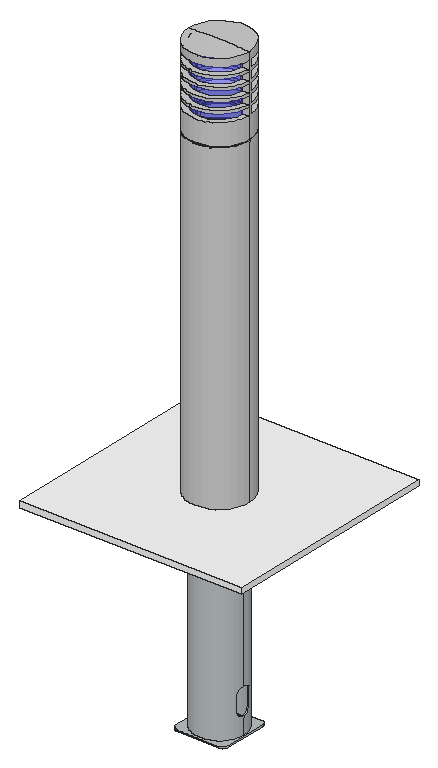
Revit family "BE_84322_de_DE", category Leuchten, Revit 2020
Family settings
  Basisbauteil = Fläche
  Bemaßung runder Anschluss = Durchmesser verwenden
  Teiletyp = Normal
  Beim Laden mit Abzugskörper schneiden = Ja
  Lichtquelle = Ja
  Gemeinsam genutzt = Nein
  Raumberechnungspunkt = Ja
Parameters (values of type "BEGA_84322_Silber_K4")
  built-in parameter 1150104 = 18.343 (stored number, unit not read)
  Wattage = 3.9 W
  Default Elevation = 0 mm
  built-in parameter 1150113 = 1 (stored number, unit not read)
  built-in parameter 1114218 = 1 (stored number, unit not read)
  Umgebungstemperatur = "25 °C"
  URL = "https://www.bega.com/de/produkt/84322"
  Typenkommentare = "© 2022 BEGA. Wir behalten uns das Recht vor, technische Änderungen ohne vorherige Ankündigung vorzunehmen."  # constant formula
  Type Image = 84322.png
  built-in parameter 1150134 = 12
  built-in parameter 1150109 = 1 (stored number, unit not read)
  Strom = ""
  built-in parameter 1150110 = 1 (stored number, unit not read)
  Spannung = 239.996 V
  Sonderanfertigung = no
  Seriennummer [instance] = "Hier können Sie die eindeutige Seriennummer für das Facility Management eintragen."
  Schutzklasse = "I"
  Schutzart = "IP 65"
  Scheinlast = 0 VA
  Produktdatenblatt = "https://cdn.bega.com/bega/products/84322K4/current/documents/data-sheets/de"
  Oberflächentemperatur = ""
  Neigungswinkel = 0.00°
  Modell = "84322AK4"
  Material_18 = BEGA_Gummi_schwarz
  Material_17 = BEGA_Reflektor
  Material_15 = BEGA_Leuchtmedium_matt
  Material_11 = BEGA_Glas_opal
  Material_09 = BEGA_Glas_klar
  Material_08 = BEGA_Oberfläche_Stahl_verzinkt
  Material_06 = BEGA_Oberfläche_Edelstahl_gebürstet
  Material_03 = BEGA_Oberfläche_Weiss_matt
  Material_02 = BEGA_Oberfläche_Silber_matt
  Material_01 [instance] = BEGA_Oberfläche_Grafit_matt
  M_W = no
  M_G = no
  M_A = yes
  Logo = 0
  built-in parameter 1114217 = 1 (stored number, unit not read)
  built-in parameter 1150139 = (empty or 0)
  built-in parameter 1150105 = 61.276 (stored number, unit not read)
  built-in parameter 1150114 = 1 (stored number, unit not read)
  Lumens = 770.016 lm
  built-in parameter 1150115 = 1 (stored number, unit not read)
  Leuchtenlichtstrom = "195 lm"
  Leuchtenanzahl = ""
  Lebensdauerkriterien = "L70B50 @ 25 °C = 200000 h"
  Lastklassifizierung = Beleuchtung
  built-in parameter 1150112 = 1 (stored number, unit not read)
  Lampenlichtstrom = "770 lm"
  Lampe = "LED 3.9 W"
  LED_Modulbezeichnung = "LED-0794/840"
  built-in parameter 1150142 = (empty or 0)
  Hersteller = "BEGA"  # constant formula
  Halbstreuwinkel = ""
  Gewicht = "5.15 kg"
  Gebrauchslageneinschränkung [instance] = ""
  Frequenz = "0/50-60 Hz"
  Farbwiedergabeindex = "CRI > 80"
  Farbtemperaturverschiebung bei Dämpfen der Lampe = <Keine Auswahl>
  Farbtemperatur = "4000 K"
  Color Filter = 16777215
  built-in parameter 1150133 = 10 (stored number, unit not read)
  Energieeffizienzklasse = "LED A++ - A"
  built-in parameter 1150137 = (empty or 0)
  built-in parameter 1150132 = (empty or 0)
  ENEC = "ja"
  Datei für fotometrisches Netz = "BE_84322K4.IES"
  CE_Konformität = "ja"
  Bestellnummer = "84322AK4"
  Beschreibung_Sonderanfertigung = "Hier können Sie Informationen zur Sonderanfertigung eintragen."
  Beschreibung = "Garten- und Wegeleuchte"
  built-in parameter 1150106 = 0.61276 (stored number, unit not read)
  Befestigungsbohrung = ""
  Befestigungsabstand = ""
  Ballwurfsicher = ""
  BEGA_Intern_aus = yes
  BEGA_Intern_an = yes
  BEGA_Intern_Konstruktion = yes
  BEGA_Intern = yes
  BEGA_IES = yes
  BEGA_Dummy = no
  Anschlussleitung = ""
  Anschlussleistung [instance] = "5 W"
  built-in parameter 1150107 = 4000 (stored number, unit not read)
  built-in parameter 1150102 = (empty or 0)
  built-in parameter 1150138 = (empty or 0)
  Aktualisierung = "2022-05-19T04:00:07"
  Abstand_zur_angestrahlten_Fläche [instance] = ""
  AC/DC = "AC/DC"
Types (4, lengths in mm): name | built-in parameter 1150104 | built-in parameter 1150134 | Modell | M_G | M_A | built-in parameter 1150105 | Lumens | Leuchtenlichtstrom | Lampenlichtstrom | LED_Modulbezeichnung | Farbtemperatur | Datei für fotometrisches Netz | Bestellnummer | built-in parameter 1150106 | built-in parameter 1150107
  BEGA_84322_Grafit_K4 | 18.343 (stored number, unit not read) | 12 | "84322K4" | yes | no | 61.276 (stored number, unit not read) | 770.016 lm | "195 lm" | "770 lm" | "LED-0794/840" | "4000 K" | "BE_84322K4.IES" | "84322K4" | 0.61276 (stored number, unit not read) | 4000 (stored number, unit not read)
  BEGA_84322_Grafit_K3 | 17.866 (stored number, unit not read) | (empty or 0) | "84322K3" | yes | no | 59.684 (stored number, unit not read) | 750.009 lm | "190 lm" | "750 lm" | "LED-0794/830" | "3000 K" | "BE_84322K3.IES" | "84322K3" | 0.59684 (stored number, unit not read) | 3000 (stored number, unit not read)
  BEGA_84322_Silber_K4 | 18.343 (stored number, unit not read) | 12 | "84322AK4" | no | yes | 61.276 (stored number, unit not read) | 770.016 lm | "195 lm" | "770 lm" | "LED-0794/840" | "4000 K" | "BE_84322K4.IES" | "84322AK4" | 0.61276 (stored number, unit not read) | 4000 (stored number, unit not read)
  BEGA_84322_Silber_K3 | 17.866 (stored number, unit not read) | (empty or 0) | "84322AK3" | no | yes | 59.684 (stored number, unit not read) | 750.009 lm | "190 lm" | "750 lm" | "LED-0794/830" | "3000 K" | "BE_84322K3.IES" | "84322AK3" | 0.59684 (stored number, unit not read) | 3000 (stored number, unit not read)
Reference planes
  plane 1 "Mitte (Vorne/Hinten)": y = 0
  plane 2: z = 0
  plane 3 "Mitte (Links/Rechts)": x = 0
  plane 4 "Links": x = -55
  plane 5 "Rechts": x = 55.007
  plane 6 "Unten": y = -55
  plane 7 "Oben": y = 55
  plane 8 "Vorne": z = 730.771
  plane 9 "Hinten": z = -382.153
Forms (mm)
  Extrusion 1, solid, material "BEGA_Platte_Weiss"
    sketch origin (0, -1119.2, 0) x (1, 0, 0) y (0, 1, 0)
      loop
        line (-200, 1319.2) -> (-200, 919.2) -> (200, 919.2) -> (200, 1319.2) -> (-200, 1319.2)
    from 0 to -10
  Extrusion 2, solid, material "BEGA_Dummy_matt", visible <- "BEGA_Dummy"
    sketch origin (77.149, -76.023, 0) x (1, 0, 0) y (0, 1, 0)
      loop
        circle (-77.149, 76.023) r 55
    from 0 to 730.771
Dimensions and locks
  plane 1 "Mitte (Vorne/Hinten)" to Extrusion 1 = 200 mm
  aligned and locked: plane 2 to Extrusion 1
  aligned and locked: level to Extrusion 1
Nested families
  nested 1: "84322" at (0, 0, 0), type "84322"
Connectors
  electrical at (0, 0, 0), driven by "Lastklassifizierung", driven by "Spannung", driven by "Scheinlast"
    settings: index 1, voltage 239.996 V, apparent load 0 VA, apparent load phase1 0 VA, apparent load phase2 0 VA, apparent load phase3 0 VA, power factor 1, load classification "Beleuchtung", number of poles 1, system type 31, power factor state 1, is connector primary yes, connector utility no, sub classification motor no, connector description ""
Definition of nested family "84322"
  Parameters (values of type "84322")
    Default Elevation = 1 mm
    URL = "http://www.bega.de/de/produkt"
    Type Comments = "© 2015 BEGA. Wir behalten uns das Recht vor, technische Änderungen ohne vorherige Ankündigung vorzunehmen. "  # constant formula
    Type Image = (empty or 0)
    Neigungswinkel_um_Z2 = 0.00°
    Neigungswinkel_um_Z1 = 0.00°
    Neigungswinkel_um_Y2 = 0.00°
    Neigungswinkel_um_Y1 = 0.00°
    Neigungswinkel_um_X2 = 0.00°
    Neigungswinkel_um_X1 = 0.00°
    Material_18 = none
    Material_17 = none
    Material_15 = none
    Material_11 = none
    Material_09 = none
    Material_08 = none
    Material_06 = none
    Material_02 = none
    Material_01 = none
    M_W = yes
    M_G = yes
    M_A = yes
    Länge_Platte = 200 mm  # constant formula
    Höhe_Platte = -10 mm  # constant formula
    Manufacturer = "BEGA"  # constant formula
    Drehwinkel_um_Z2 = 0.00°
    Drehwinkel_um_Z1 = 0.00°
    Breite_Platte = 200 mm  # constant formula
  Reference planes
    plane 1 "Mitte (Oben/Unten)": y = 0
    plane 2: z = 0
    plane 3 "Mitte (Links/Rechts)": x = 0
    plane 4 "Links": x = -55
    plane 5 "Rechts": x = 55.007
    plane 6 "Oben": y = 55
    plane 7 "Unten": y = -55
    plane 8: z = -382.153
    plane 9: z = 730.771
  Forms (mm)
    Extrusion 1, solid, detail levels medium
      sketch origin (0, 0, 0) x (1, 0, 0) y (0, 1, 0)
        loop
          line (-100, 100) -> (-100, -100) -> (100, -100) -> (100, 100) -> (-100, 100)
      from 0 to -10 <- "Höhe_Platte"
    Revolve 2, solid, material <- "Material_18"
      sketch origin (0, 0, 0) x (1, 0, 0) y (0, 0, 1)
        loop
          circle (-42.401, 606.979) r 2.45
        axis (0, 606.979) -> (0, 605.979)
      angle from 0 to 360
    Revolve 3, solid, material <- "Material_08"
      sketch origin (0, 0, 0) x (1, 0, 0) y (0, 0, 1)
        loop
          line (-44.52, 120) -> (-44.52, -380.153) -> (-42.5, -380.153) -> (-42.5, 120) -> (-44.52, 120)
        axis (0, 120) -> (0, -380.153)
      angle from 0 to 360
    Extrusion 4, void
      sketch origin (0, 0, 0) x (0, 1, 0) y (0, 0, 1)
        loop
          line (-15.08, -315.039) -> (-15.08, -335.039)
          arc (-15.08, -335.039) -> (-0.08, -350.039) -> (14.92, -335.039) r 15
          line (14.92, -335.039) -> (14.92, -315.039)
          arc (14.92, -315.039) -> (-0.08, -300.039) -> (-15.08, -315.039) r 15
      from -47.8 to 47.8
    Revolve 5, solid, material <- "Material_01", visible <- "M_G"
      sketch origin (0, 0, 0) x (1, 0, 0) y (0, 0, 1)
        loop
          line (-55, 585.457) -> (-55, 0) -> (-53, 0) -> (-53, 566.457) -> (-43.122, 566.457) -> (-43.122, 603.547) -> (-45.358, 603.547) -> (-45.358, 608.328) -> (-51.426, 608.328) -> (-51.426, 587.457) -> (-54, 587.457) -> (-54, 585.457) -> (-55, 585.457)
        axis (0, 608.328) -> (0, 0)
      angle from 0 to 360
    Extrusion 6, solid, material <- "Material_08"
      sketch origin (0, 0, 0) x (1, 0, 0) y (0, 1, 0)
        loop
          arc (-37.773, 47.786) -> (-44.844, 44.857) -> (-47.773, 37.786) r 10
          line (-47.773, 37.786) -> (-47.773, -37.714)
          arc (-47.773, -37.714) -> (-44.844, -44.785) -> (-37.773, -47.714) r 10
          line (-37.773, -47.714) -> (37.955, -47.714)
          arc (37.955, -47.714) -> (45.026, -44.785) -> (47.955, -37.714) r 10
          line (47.955, -37.714) -> (47.955, 37.786)
          arc (47.955, 37.786) -> (45.026, 44.857) -> (37.955, 47.786) r 10
          line (37.955, 47.786) -> (-37.773, 47.786)
        loop
          circle (0, 0) r 42.5
      from -382.153 to -380.153
    Revolve 7, solid, material <- "Material_11"
      sketch origin (0, 0, 0) x (1, 0, 0) y (0, 0, 1)
        loop
          line (0, 718.457) -> (-43.079, 718.457) -> (-44.998, 608.489) -> (-38, 608.489) -> (-38, 582.457) -> (-33.892, 582.457) -> (-33.892, 612.258) -> (-40.893, 612.258) -> (-39.109, 714.457) -> (0, 714.457) -> (0, 718.457)
        axis (0, 718.457) -> (0, 582.457)
      angle from 0 to 360
    Revolve 8, solid, material <- "Material_02", visible <- "M_A"
      sketch origin (0, 0, 0) x (1, 0, 0) y (0, 0, 1)
        loop
          line (-55, 585.457) -> (-55, 0) -> (-53, 0) -> (-53, 566.457) -> (-43.122, 566.457) -> (-43.122, 603.547) -> (-45.358, 603.547) -> (-45.358, 608.328) -> (-51.426, 608.328) -> (-51.426, 587.457) -> (-54, 587.457) -> (-54, 585.457) -> (-55, 585.457)
        axis (0, 608.328) -> (0, 0)
      angle from 0 to 360
    Revolve 9, solid, material <- "Material_01", visible <- "M_G"
      sketch origin (0, 0, 0) x (1, 0, 0) y (0, 0, 1)
        loop
          line (0, 727.705) -> (0, 730.771) -> (-55, 729.936) -> (-55, 587.757) -> (-52.384, 587.757) -> (-52.384, 609.883) -> (-45.886, 609.883) -> (-44.277, 727.705) -> (0, 727.705)
        axis (0, 587.757) -> (0, 730.771)
      angle from 0 to 360
    Extrusion 10, void
      sketch origin (0, 0, 0) x (0, 1, 0) y (0, 0, 1)
        loop
          line (-56.501, 716.311) -> (-56.501, 701.927) -> (-3.013, 701.927) -> (-3.013, 716.311) -> (-56.501, 716.311)
        loop
          line (-56.501, 697.303) -> (-56.501, 683.008) -> (-3.013, 683.008) -> (-3.013, 697.303) -> (-56.501, 697.303)
        loop
          line (-56.501, 678.414) -> (-56.501, 664.077) -> (-3.013, 664.077) -> (-3.013, 678.414) -> (-56.501, 678.414)
        loop
          line (-56.501, 659.458) -> (-56.501, 645.041) -> (-3.013, 645.041) -> (-3.013, 659.458) -> (-56.501, 659.458)
        loop
          line (-56.501, 640.413) -> (-56.501, 626.02) -> (-3.013, 626.02) -> (-3.013, 640.413) -> (-56.501, 640.413)
        loop
          line (3, 716.311) -> (3, 701.927) -> (56.516, 701.927) -> (56.516, 716.311) -> (3, 716.311)
        loop
          line (3, 697.303) -> (3, 683.008) -> (56.516, 683.008) -> (56.516, 697.303) -> (3, 697.303)
        loop
          line (3, 678.414) -> (3, 664.077) -> (56.516, 664.077) -> (56.516, 678.414) -> (3, 678.414)
        loop
          line (3, 659.458) -> (3, 645.041) -> (56.516, 645.041) -> (56.516, 659.458) -> (3, 659.458)
        loop
          line (3, 640.413) -> (3, 626.02) -> (56.516, 626.02) -> (56.516, 640.413) -> (3, 640.413)
      from -60 to 60
    Revolve 11, solid, material <- "Material_02", visible <- "M_A"
      sketch origin (0, 0, 0) x (1, 0, 0) y (0, 0, 1)
        loop
          line (0, 727.705) -> (0, 730.771) -> (-55, 729.936) -> (-55, 587.757) -> (-52.384, 587.757) -> (-52.384, 609.883) -> (-45.886, 609.883) -> (-44.277, 727.705) -> (0, 727.705)
        axis (0, 587.757) -> (0, 730.771)
      angle from 0 to 360
  Cuts and joins
    Extrusion 4 cuts Revolve 3
    joined: Revolve 3, Extrusion 6
    Extrusion 10 cuts Revolve 9
    Extrusion 10 cuts Revolve 11
  Dimensions and locks
    equal spacing: Extrusion 1 sketch curve, plane 3 "Mitte (Links/Rechts)", Extrusion 1 sketch curve
    equal spacing: Extrusion 1 sketch curve, plane 1 "Mitte (Oben/Unten)", Extrusion 1 sketch curve
    "Länge_Platte": Extrusion 1 sketch curve to Extrusion 1 sketch curve
    "Breite_Platte": Extrusion 1 sketch curve to Extrusion 1 sketch curve
    aligned and locked: plane 2 to Extrusion 1
    aligned and locked: level to Extrusion 1
  Automatic sketch dimensions
    Revolve 3 sketch curve to plane 3 "Mitte (Links/Rechts)" = 0 mm
    Revolve 3 sketch curve to plane 3 "Mitte (Links/Rechts)" = 42.5 mm
    Revolve 3 sketch curve to Revolve 3 sketch curve = 2.02 mm
    Revolve 3 sketch curve to Revolve 3 sketch curve = 14.847 mm
    Revolve 3 sketch curve to Revolve 3 sketch curve = 10 mm
    plane 1 "Mitte (Oben/Unten)" to Extrusion 4 sketch curve = 0.08 mm
    Extrusion 4 sketch curve to plane 1 "Mitte (Oben/Unten)" = 14.92 mm
    Extrusion 4 sketch curve to Extrusion 4 sketch curve = 20 mm
    plane 1 "Mitte (Oben/Unten)" to Extrusion 6 sketch curve = 0 mm
    Extrusion 6 sketch curve to plane 3 "Mitte (Links/Rechts)" = 0 mm
    Extrusion 6 sketch curve to plane 3 "Mitte (Links/Rechts)" = 37.773 mm  (x2)
    Extrusion 6 sketch curve to Extrusion 6 sketch curve = 10 mm  (x2)
    plane 3 "Mitte (Links/Rechts)" to Extrusion 6 sketch curve = 37.955 mm  (x2)
    plane 1 "Mitte (Oben/Unten)" to Extrusion 6 sketch curve = 37.714 mm
    Extrusion 6 sketch curve to plane 1 "Mitte (Oben/Unten)" = 37.786 mm
    Revolve 3 sketch curve to level = 380.153 mm
    Extrusion 4 sketch curve to level = 335.039 mm
    level to Revolve 3 sketch curve = 120 mm
    Revolve 2 sketch curve to plane 3 "Mitte (Links/Rechts)" = 0 mm
    plane 4 "Links" to Revolve 2 sketch curve = 12.599 mm
    Revolve 2 sketch curve to plane 9 = 123.792 mm
    Revolve 2 sketch curve to Revolve 2 sketch curve = 27.982 mm
    Revolve 2 sketch curve to Revolve 2 sketch curve = 25 mm
    Revolve 5 sketch curve to level = 0 mm
    Revolve 5 sketch curve to plane 4 "Links" = 0 mm
    Revolve 5 sketch curve to plane 3 "Mitte (Links/Rechts)" = 0 mm
    plane 4 "Links" to Revolve 5 sketch curve = 1 mm
    Revolve 5 sketch curve to Revolve 5 sketch curve = 1 mm
    plane 4 "Links" to Revolve 5 sketch curve = 3.574 mm
    Revolve 5 sketch curve to Revolve 5 sketch curve = 6.069 mm
    Revolve 5 sketch curve to Revolve 5 sketch curve = 2.235 mm
    Revolve 5 sketch curve to plane 9 = 145.314 mm
    Revolve 5 sketch curve to Revolve 5 sketch curve = 2 mm
    Revolve 5 sketch curve to Revolve 5 sketch curve = 16.09 mm
    Revolve 5 sketch curve to Revolve 5 sketch curve = 4.781 mm
    Revolve 5 sketch curve to level = 13.31 mm
    Revolve 5 sketch curve to Revolve 5 sketch curve = 19 mm
    Revolve 5 sketch curve to Revolve 5 sketch curve = 5.283 mm
    Revolve 7 sketch curve to plane 3 "Mitte (Links/Rechts)" = 0 mm  (x2)
    plane 4 "Links" to Revolve 7 sketch curve = 21.108 mm
    Revolve 7 sketch curve to Revolve 7 sketch curve = 4.108 mm
    plane 4 "Links" to Revolve 7 sketch curve = 15.891 mm
    Revolve 7 sketch curve to Revolve 7 sketch curve = 2.893 mm
    Revolve 7 sketch curve to Revolve 7 sketch curve = 3.969 mm
    Revolve 7 sketch curve to Revolve 7 sketch curve = 4.105 mm
    Revolve 7 sketch curve to plane 9 = 148.314 mm
    Revolve 7 sketch curve to Revolve 7 sketch curve = 26.032 mm
    Revolve 7 sketch curve to Revolve 7 sketch curve = 3.769 mm
    Revolve 7 sketch curve to plane 9 = 16.314 mm
    Revolve 7 sketch curve to Revolve 7 sketch curve = 4 mm
    Revolve 7 sketch curve to Revolve 7 sketch curve = 1.686 mm
    Revolve 7 sketch curve to Revolve 7 sketch curve = 2.314 mm
    Revolve 8 sketch curve to level = 0 mm
    Revolve 8 sketch curve to plane 4 "Links" = 0 mm
    Revolve 8 sketch curve to plane 3 "Mitte (Links/Rechts)" = 0 mm
    plane 4 "Links" to Revolve 8 sketch curve = 1 mm
    Revolve 8 sketch curve to Revolve 8 sketch curve = 2 mm  (x2)
    plane 4 "Links" to Revolve 8 sketch curve = 3.574 mm
    Revolve 8 sketch curve to Revolve 8 sketch curve = 6.069 mm
    Revolve 8 sketch curve to Revolve 8 sketch curve = 2.235 mm
    Revolve 8 sketch curve to plane 9 = 164.314 mm
    Revolve 8 sketch curve to Revolve 8 sketch curve = 19 mm
    Revolve 8 sketch curve to Revolve 8 sketch curve = 16.09 mm
    Revolve 8 sketch curve to Revolve 8 sketch curve = 4.781 mm
    Revolve 8 sketch curve to level = 13.31 mm
    Revolve 8 sketch curve to Revolve 8 sketch curve = 5.283 mm
    Revolve 9 sketch curve to plane 4 "Links" = 0 mm
    Revolve 9 sketch curve to plane 3 "Mitte (Links/Rechts)" = 0 mm  (x2)
    plane 4 "Links" to Revolve 9 sketch curve = 2.616 mm
    Revolve 9 sketch curve to Revolve 9 sketch curve = 22.126 mm
    Revolve 9 sketch curve to plane 9 = 0.835 mm
    plane 9 to Revolve 9 sketch curve = 0 mm
    Revolve 9 sketch curve to Revolve 9 sketch curve = 6.498 mm
    plane 4 "Links" to Revolve 9 sketch curve = 10.723 mm
    Revolve 9 sketch curve to plane 9 = 3.066 mm
    Revolve 9 sketch curve to Revolve 9 sketch curve = 120.053 mm
    Revolve 9 sketch curve to Revolve 9 sketch curve = 0 mm
    Revolve 9 sketch curve to Revolve 9 sketch curve = 96.986 mm
    plane 1 "Mitte (Oben/Unten)" to Extrusion 10 sketch curve = 3.013 mm  (x5)
    Extrusion 10 sketch curve to plane 7 "Unten" = 1.501 mm  (x5)
    Extrusion 10 sketch curve to plane 1 "Mitte (Oben/Unten)" = 3 mm  (x5)
    plane 6 "Oben" to Extrusion 10 sketch curve = 1.516 mm  (x5)
    Extrusion 10 sketch curve to plane 9 = 104.75 mm
    Extrusion 10 sketch curve to Extrusion 10 sketch curve = 0 mm  (x4)
    Extrusion 10 sketch curve to Extrusion 10 sketch curve = 14.392 mm
    Extrusion 10 sketch curve to Extrusion 10 sketch curve = 4.628 mm  (x2)
    Extrusion 10 sketch curve to Extrusion 10 sketch curve = 14.417 mm
    Extrusion 10 sketch curve to Extrusion 10 sketch curve = 4.618 mm  (x2)
    Extrusion 10 sketch curve to Extrusion 10 sketch curve = 14.338 mm  (x2)
    Extrusion 10 sketch curve to Extrusion 10 sketch curve = 4.594 mm  (x2)
    Extrusion 10 sketch curve to Extrusion 10 sketch curve = 14.294 mm
    Extrusion 10 sketch curve to Extrusion 10 sketch curve = 4.624 mm  (x2)
    Extrusion 10 sketch curve to Extrusion 10 sketch curve = 14.384 mm  (x2)
    Revolve 11 sketch curve to plane 4 "Links" = 0 mm
    Revolve 11 sketch curve to plane 3 "Mitte (Links/Rechts)" = 0 mm  (x2)
    plane 4 "Links" to Revolve 11 sketch curve = 2.616 mm
    Revolve 11 sketch curve to Revolve 11 sketch curve = 6.498 mm
    Revolve 11 sketch curve to plane 9 = 3.066 mm
    plane 4 "Links" to Revolve 11 sketch curve = 10.723 mm
    Revolve 11 sketch curve to Revolve 11 sketch curve = 117.822 mm
    Revolve 11 sketch curve to Revolve 11 sketch curve = 22.126 mm
    Revolve 11 sketch curve to plane 9 = 0.835 mm
    plane 9 to Revolve 11 sketch curve = 0 mm
    Revolve 11 sketch curve to Revolve 11 sketch curve = 0 mm
    Revolve 11 sketch curve to Revolve 11 sketch curve = 96.986 mm
    radius of Extrusion 6 sketch curve = 42.5 mm
    radius of Revolve 2 sketch curve = 2.45 mm
